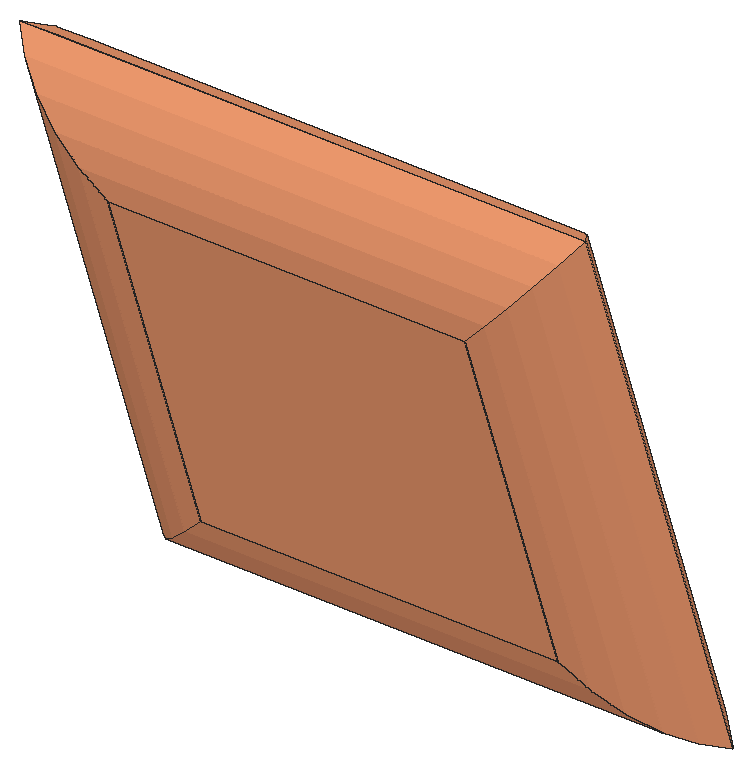
Revit family "Haworth_Janus_Accessories_Pillows_Square", category Furniture, Revit 2018
Family settings
  OmniClass Number = 23.40.20.00
  OmniClass Title = General Furniture and Specialties
  Work Plane-Based = No
  Always vertical = Yes
  Cut with Voids When Loaded = No
  Shared = No
  Room Calculation Point = No
Parameters (values of type "HCJC-JP-P3030")
  WidthCore = Actual Width - 2 * 5 17/32"  # 18 15/16"
  Warranty = "http://www.haworth.com/resources/product-info/warranties"
  Version = "1"  # constant formula
  URL - Product = "https://www.haworth.com/our-brands/haworth-collection/janus-et-cie"
  URL = "http://www.haworth.com/our-brands/haworth-collection"
  Sustainability Info = "https://www.haworth.com/company-info/sustainability"
  Size = "Verify Final Dim. w/ Haworth"  # constant formula
  Pillow Offset = 17"
  Pillow Finish [instance] = Haworth _ Fabric _ Janus_Pillows _ Copper JEC-352
  Model = "HCJC-JP-P3030"
  Manufacturer = "Haworth"  # constant formula
  HeightCore = Actual Height - 2 * 5 17/32"  # 18 15/16"
  Description = "Haworth - Janus - Pillows - 30 x 30"
  Author = "Haworth (Abd Rahman)"  # constant formula
  Assembly Code = "E2020200"
  Actual Width = 30"
  Actual Height = 30"
  Actual Depth = 5"  # constant formula
Types (10): name | WidthCore | Pillow Offset | Model | HeightCore | Description | Actual Width | Actual Height
  (no name) | 18 15/16" | 17" | "HCJC-JP-P3030" | 18 15/16" | "Haworth - Janus - Pillows - 30 x 30" | 30" | 30"
  HCJC-JP-P1212 | 15/16" | 21.89516" | "HCJC-JP-P1212" | 15/16" | "Haworth - Janus - Pillows - 12 x 12" | 12" | 12"
  HCJC-JP-P1414 | 2 15/16" | 21.89516" | "HCJC-JP-P1414" | 2 15/16" | "Haworth - Janus - Pillows - 14 x 14" | 14" | 14"
  HCJC-JP-P1616 | 4 15/16" | 21.89516" | "HCJC-JP-P1616" | 4 15/16" | "Haworth - Janus - Pillows - 16 x 16" | 16" | 16"
  HCJC-JP-P1818 | 6 15/16" | 21.89516" | "HCJC-JP-P1818" | 6 15/16" | "Haworth - Janus - Pillows - 18 x 18" | 18" | 18"
  HCJC-JP-P1717 | 5 15/16" | 21.89516" | "HCJC-JP-P1717" | 5 15/16" | "Haworth - Janus - Pillows - 17 x 17" | 17" | 17"
  HCJC-JP-P2020 | 8 15/16" | 21.89516" | "HCJC-JP-P2020" | 8 15/16" | "Haworth - Janus - Pillows - 20 x 20" | 20" | 20"
  HCJC-JP-P2222 | 10 15/16" | 21.89516" | "HCJC-JP-P2222" | 10 15/16" | "Haworth - Janus - Pillows - 22 x 22" | 22" | 22"
  HCJC-JP-P2424 | 12 15/16" | 21.89516" | "HCJC-JP-P2424" | 12 15/16" | "Haworth - Janus - Pillows - 24 x 24" | 24" | 24"
  HCJC-JP-P3030 | 18 15/16" | 17" | "HCJC-JP-P3030" | 18 15/16" | "Haworth - Janus - Pillows - 30 x 30" | 30" | 30"
Reference planes (in)
  plane 1 "Center Front/Back": y = -1.25
  plane 2: z = 0
  plane 3 "Center Left/Right": x = 0
  plane 4: through (-8.71875, -178.21763, -18.50016) normal (0, -0.3256, 0.9455)
  plane 5: through (-8.71875, -172.05218, -36.40592) normal (0, -0.3256, 0.9455)
  plane 6: x = -9.46875
  plane 7: x = 9.46875
  plane 8: x = 0
  plane 9: x = -15
  plane 10: x = 15
  plane 11: y = -3.75
  plane 12: y = 1.25
  plane 13 "Pillow Offset": z = 17
Forms (in)
  Extrusion 1, solid, material "Haworth _ Fabric _ Janus_Pillows _ Copper JEC-352" <- "Pillow Finish"
    sketch origin (-3, 5.89044, -0.3092) x (1, 0, 0) y (0, -0.325568, 0.945519)
      loop
        line (-6.46875, 42.73983) -> (-6.46875, 23.80233) -> (12.46875, 23.80233) -> (12.46875, 42.73983) -> (-6.46875, 42.73983)
    from -3 to 3
  Sweep 2, solid, material "Haworth _ Fabric _ Janus_Pillows _ Copper JEC-352" <- "Pillow Finish"
    path in 3D
      loop
        line (-9.46875, -10.86084, 39.1254) -> (-9.46875, -4.6954, 21.21964) -> (9.46875, -4.6954, 21.21964) -> (9.46875, -10.86084, 39.1254) -> (-9.46875, -10.86084, 39.1254)
    profile origin (0, -10.86084, 39.1254) x (0, -0.945519, -0.325568) y (0, -0.325568, 0.945519)
      loop
        line (-6, 0) -> (0, 0)
        arc (0, 0) -> (-0.85828, 3.134) -> (-3.0658, 5.51842) r 6.84077
        arc (-3.0658, 5.51842) -> (-5.14908, 3.08684) -> (-6, 0) r 7.34567
Lines and regions (in)
  Masking region 1
    outline origin (0, 0, 17) x (-1, 0, 0) y (0, -1, 0)
      loop
        line (15, -0.54365) -> (15, 2.95162)
        arc (15, 2.95162) -> (0.01382, 4.19947) -> (-15, 3.3464) r 107.63053
        line (-15, 3.3464) -> (-15, -1.05876)
        arc (-15, -1.05876) -> (0.02637, -2.337) -> (15, -0.54365) r 74.03063
  sketch lines
    curve 1: line (9.46875, -10.86084, 39.1254) -> (-9.46875, -10.86084, 39.1254)
    curve 2: line (9.46875, -4.6954, 21.21964) -> (9.46875, -10.86084, 39.1254)
    curve 3: line (-9.46875, -4.6954, 21.21964) -> (9.46875, -4.6954, 21.21964)
    curve 4: line (-9.46875, -10.86084, 39.1254) -> (-9.46875, -4.6954, 21.21964)
Dimensions and locks (in)
  "HeightCore": plane 4 to plane 5
  plane 6 to plane 7 = 18 15/16"
  "WidthCore": plane 6 to plane 7
  equal spacing: plane 7, plane 8, plane 6
  "Actual Width": plane 9 to plane 10
  "Actual Depth": plane 12 to plane 11
  equal spacing: plane 9, plane 3 "Center Left/Right", plane 10
  "Pillow Offset": plane 13 "Pillow Offset" to level
  aligned and locked: level to plane 2
  aligned and locked: Masking region 1 sketch curve to plane 10
  aligned and locked: Masking region 1 sketch curve to plane 9
Automatic sketch dimensions
  Sweep 2 sketch curve to profile plane = 0"  (x2)
  profile plane to Sweep 2 sketch curve = 6"
  Sweep 2 sketch curve to profile plane = 0.18818"
  Sweep 2 sketch curve to Sweep 2 sketch curve = 0.83818"
  Sweep 2 sketch curve to profile plane = 0.36174"
  Sweep 2 sketch curve to profile plane = 1.33676"
  plane 3 "Center Left/Right" to Masking region 1 sketch curve = 1.40241"
  plane 3 "Center Left/Right" to Masking region 1 sketch curve = 1.24458"
  plane 12 to Masking region 1 sketch curve = 102.17174"
  Masking region 1 sketch curve to plane 12 = 0.19124"
  Masking region 1 sketch curve to plane 1 "Center Front/Back" = 1.79365"
  plane 11 to Masking region 1 sketch curve = 0.79838"
  Extrusion 1 sketch curve to plane 5 = 0"
  Extrusion 1 sketch curve to plane 6 = 0"
  Extrusion 1 sketch curve to plane 7 = 0"
  Extrusion 1 sketch curve to plane 4 = 0"
